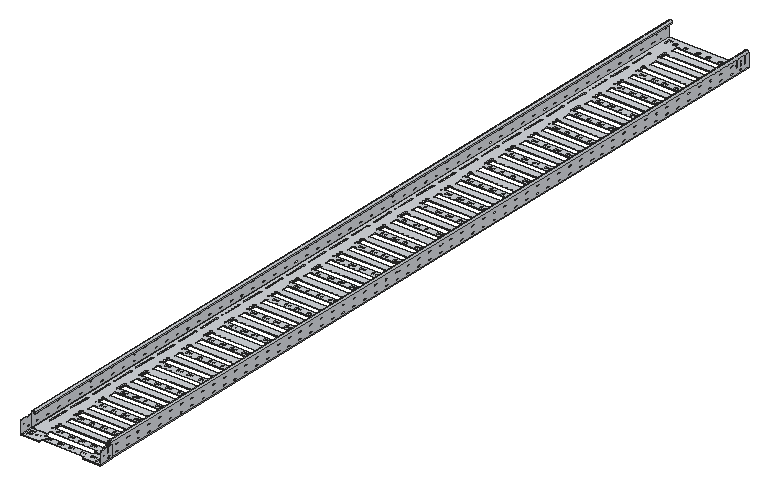
Revit family "MKSM Magic Kabelrinne 1 mm- MKSM 630 FT,FS", category Generic Models, Revit 2017 (continued)
Dimensions and locks
  locked: cut or joined group 1 (Extrusion 1, Extrusion 3, Extrusion 4, Extrusion 5, Extrusion 6, Extrusion 7, Extrusion 8, Extrusion 9, Extrusion 10, Extrusion 11, Extrusion 12, Extrusion 13, Extrusion 14, Extrusion 15, Extrusion 16, Extrusion 17, Extrusion 18, Extrusion 19, Extrusion 20, Extrusion 21, Extrusion 22, Extrusion 23, Extrusion 24, Extrusion 25, Extrusion 26, Extrusion 27, Extrusion 28, Extrusion 29, Extrusion 30, Extrusion 31, Extrusion 32, Extrusion 33, Extrusion 34, Extrusion 35, Extrusion 36, Extrusion 37, Extrusion 38, Extrusion 39, Extrusion 40, Extrusion 41, Extrusion 42, Extrusion 43, Extrusion 44, Extrusion 45, Extrusion 46, Extrusion 47, Extrusion 48, Extrusion 49, Extrusion 50, Extrusion 51, Extrusion 52, Extrusion 53, Extrusion 54, Extrusion 55, Extrusion 56, Extrusion 57, Extrusion 58, Extrusion 59, Extrusion 60, Extrusion 61, Extrusion 62, Extrusion 63, Extrusion 64, Extrusion 65, Extrusion 66, Extrusion 67, Extrusion 68, Extrusion 69, Extrusion 70, Extrusion 71, Extrusion 72, Extrusion 73, Extrusion 74, Extrusion 75, Extrusion 76, Extrusion 77, Extrusion 78, Extrusion 79, Extrusion 80, Extrusion 81, Extrusion 82, Extrusion 83, Extrusion 84, Extrusion 85, Extrusion 86, Extrusion 87, Extrusion 88, Extrusion 89, Extrusion 90, Extrusion 91, Extrusion 92, Extrusion 93, Extrusion 94, Extrusion 95, Extrusion 96, Extrusion 97, Extrusion 98, Extrusion 99, Extrusion 100, Extrusion 101, Extrusion 102, Extrusion 103, Extrusion 104, Extrusion 105, Extrusion 106, Extrusion 107, Extrusion 108, Extrusion 109, Extrusion 110, Extrusion 111, Extrusion 112, Extrusion 113, Extrusion 114, Extrusion 115, Extrusion 116, Extrusion 117, Extrusion 118, Extrusion 119, Extrusion 120, Extrusion 121, Extrusion 122, Extrusion 123, Extrusion 124, Extrusion 125, Extrusion 126, Extrusion 127, Extrusion 128, Extrusion 129, Extrusion 130, Extrusion 131, Extrusion 132, Extrusion 133, Extrusion 134, Extrusion 135, Extrusion 136, Extrusion 137, Extrusion 138, Extrusion 139, Extrusion 140, Extrusion 141, Extrusion 142, Extrusion 143, Extrusion 144, Extrusion 145, Extrusion 146, Extrusion 147, Extrusion 148, Extrusion 149, Extrusion 150, Extrusion 151, Extrusion 152, Extrusion 153, Extrusion 154, Extrusion 155, Extrusion 156, Extrusion 157, Extrusion 158, Extrusion 159, Extrusion 160, Extrusion 161, Extrusion 162, Extrusion 163, Extrusion 164, Extrusion 165, Extrusion 166, Extrusion 167, Extrusion 168, Extrusion 169, Extrusion 170, Extrusion 171, Extrusion 172, Extrusion 173, Extrusion 174, Extrusion 175, Extrusion 176, Extrusion 177, Extrusion 178, Extrusion 179, Extrusion 180, Extrusion 181, Extrusion 182, Extrusion 183, Extrusion 184, Extrusion 185, Extrusion 186, Extrusion 187, Extrusion 188, Extrusion 189, Extrusion 190, Extrusion 191, Extrusion 192, Extrusion 193, Extrusion 194, Extrusion 195, Extrusion 196, Extrusion 197, Extrusion 198, Extrusion 199, Extrusion 200, Extrusion 201, Extrusion 202, Extrusion 203, Extrusion 204, Extrusion 205, Extrusion 206, Extrusion 207, Extrusion 208, Extrusion 209, Extrusion 210, Extrusion 211, Extrusion 212, Extrusion 213, Extrusion 214, Extrusion 215, Extrusion 216, Extrusion 217, Extrusion 218, Extrusion 219, Extrusion 220, Extrusion 221, Extrusion 222, Extrusion 223, Extrusion 224, Extrusion 225, Extrusion 226, Extrusion 227, Extrusion 228, Extrusion 229, Extrusion 230, Extrusion 231, Extrusion 232, Extrusion 233, Extrusion 234, Extrusion 235, Extrusion 236, Extrusion 237, Extrusion 238, Extrusion 239, Extrusion 240, Extrusion 241, Extrusion 242, Extrusion 243, Extrusion 244, Extrusion 249, Extrusion 250, Extrusion 251, Extrusion 252, Extrusion 254, Extrusion 257, Extrusion 258, Extrusion 259, Extrusion 260, Extrusion 261, Extrusion 262, Extrusion 263, Extrusion 264, Extrusion 265, Extrusion 266, Extrusion 267, Extrusion 268, Extrusion 269, Extrusion 270, Extrusion 271, Extrusion 272, Extrusion 273, Extrusion 274, Extrusion 275, Extrusion 276, Extrusion 277, Extrusion 278, Extrusion 279, Extrusion 280, Extrusion 281, Extrusion 282, Extrusion 283, Extrusion 284, Extrusion 285, Extrusion 286, Extrusion 287, Extrusion 289, Extrusion 290, Extrusion 291, Extrusion 292, Extrusion 293, Extrusion 294, Extrusion 295, Extrusion 296, Extrusion 297, Extrusion 298, Extrusion 299, Extrusion 300, Extrusion 301, Extrusion 302, Extrusion 303, Extrusion 304, Extrusion 305, Extrusion 306, Extrusion 307, Extrusion 308, Extrusion 309, Extrusion 310, Extrusion 311, Extrusion 312, Extrusion 313, Extrusion 314, Extrusion 315, Extrusion 316, Extrusion 317, Extrusion 318, Extrusion 319, Extrusion 320, Extrusion 321, Extrusion 322, Extrusion 323, Extrusion 324, Extrusion 325, Extrusion 326, Extrusion 327, Extrusion 328, Extrusion 329, Extrusion 330, Extrusion 331, Extrusion 332, Extrusion 333, Extrusion 334, Extrusion 335, Extrusion 336, Extrusion 337, Extrusion 338, Extrusion 339, Extrusion 340, Extrusion 341, Extrusion 342, Extrusion 343, Extrusion 344, Extrusion 345, Extrusion 346, Extrusion 347, Extrusion 348, Extrusion 349, Extrusion 350, Extrusion 351, Extrusion 352, Extrusion 353, Extrusion 354, Extrusion 355, Extrusion 356, Extrusion 357, Extrusion 358, Extrusion 359, Extrusion 360, Extrusion 361, Extrusion 362, Extrusion 363, Extrusion 364, Extrusion 365, Extrusion 366, Extrusion 367, Extrusion 368, Extrusion 369, Extrusion 370, Extrusion 371, Extrusion 372, Extrusion 373, Extrusion 374, Extrusion 375, Extrusion 376, Extrusion 377, Extrusion 378, Extrusion 379, Extrusion 380, Extrusion 381, Extrusion 382, Extrusion 383, Extrusion 384, Extrusion 385, Extrusion 386, Extrusion 387, Extrusion 388, Extrusion 389, Extrusion 390, Extrusion 391, Extrusion 392, Extrusion 393, Extrusion 394, Extrusion 395, Extrusion 396, Extrusion 397, Extrusion 398, Extrusion 399, Extrusion 400, Extrusion 401) to cut or joined group 2 (Extrusion 1, Extrusion 3, Extrusion 4, Extrusion 5, Extrusion 6, Extrusion 7, Extrusion 8, Extrusion 9, Extrusion 10, Extrusion 11, Extrusion 12, Extrusion 13, Extrusion 14, Extrusion 15, Extrusion 16, Extrusion 17, Extrusion 18, Extrusion 19, Extrusion 20, Extrusion 21, Extrusion 22, Extrusion 23, Extrusion 24, Extrusion 25, Extrusion 26, Extrusion 27, Extrusion 28, Extrusion 29, Extrusion 30, Extrusion 31, Extrusion 32, Extrusion 33, Extrusion 34, Extrusion 35, Extrusion 36, Extrusion 37, Extrusion 38, Extrusion 39, Extrusion 40, Extrusion 41, Extrusion 42, Extrusion 43, Extrusion 44, Extrusion 45, Extrusion 46, Extrusion 47, Extrusion 48, Extrusion 49, Extrusion 50, Extrusion 51, Extrusion 52, Extrusion 53, Extrusion 54, Extrusion 55, Extrusion 56, Extrusion 57, Extrusion 58, Extrusion 59, Extrusion 60, Extrusion 61, Extrusion 62, Extrusion 63, Extrusion 64, Extrusion 65, Extrusion 66, Extrusion 67, Extrusion 68, Extrusion 69, Extrusion 70, Extrusion 71, Extrusion 72, Extrusion 73, Extrusion 74, Extrusion 75, Extrusion 76, Extrusion 77, Extrusion 78, Extrusion 79, Extrusion 80, Extrusion 81, Extrusion 82, Extrusion 83, Extrusion 84, Extrusion 85, Extrusion 86, Extrusion 87, Extrusion 88, Extrusion 89, Extrusion 90, Extrusion 91, Extrusion 92, Extrusion 93, Extrusion 94, Extrusion 95, Extrusion 96, Extrusion 97, Extrusion 98, Extrusion 99, Extrusion 100, Extrusion 101, Extrusion 102, Extrusion 103, Extrusion 104, Extrusion 105, Extrusion 106, Extrusion 107, Extrusion 108, Extrusion 109, Extrusion 110, Extrusion 111, Extrusion 112, Extrusion 113, Extrusion 114, Extrusion 115, Extrusion 116, Extrusion 117, Extrusion 118, Extrusion 119, Extrusion 120, Extrusion 121, Extrusion 122, Extrusion 123, Extrusion 124, Extrusion 125, Extrusion 126, Extrusion 127, Extrusion 128, Extrusion 129, Extrusion 130, Extrusion 131, Extrusion 132, Extrusion 133, Extrusion 134, Extrusion 135, Extrusion 136, Extrusion 137, Extrusion 138, Extrusion 139, Extrusion 140, Extrusion 141, Extrusion 142, Extrusion 143, Extrusion 144, Extrusion 145, Extrusion 146, Extrusion 147, Extrusion 148, Extrusion 149, Extrusion 150, Extrusion 151, Extrusion 152), Extrusion
     153, Extrusion 154, Extrusion 155, Extrusion 156, Extrusion 157, Extrusion 158, Extrusion 159, Extrusion 160, Extrusion 161, Extrusion 162, Extrusion 163, Extrusion 164, Extrusion 165, Extrusion 166, Extrusion 167, Extrusion 168, Extrusion 169, Extrusion 170, Extrusion 171, Extrusion 172, Extrusion 173, Extrusion 174, Extrusion 175, Extrusion 176, Extrusion 177, Extrusion 178, Extrusion 179, Extrusion 180, Extrusion 181, Extrusion 182, Extrusion 183, Extrusion 184, Extrusion 185, Extrusion 186, Extrusion 187, Extrusion 188, Extrusion 189, Extrusion 190, Extrusion 191, Extrusion 192, Extrusion 193, Extrusion 194, Extrusion 195, Extrusion 196, Extrusion 197, Extrusion 198, Extrusion 199, Extrusion 200, Extrusion 201, Extrusion 202, Extrusion 203, Extrusion 204, Extrusion 205, Extrusion 206, Extrusion 207, Extrusion 208, Extrusion 209, Extrusion 210, Extrusion 211, Extrusion 212, Extrusion 213, Extrusion 214, Extrusion 215, Extrusion 216, Extrusion 217, Extrusion 218, Extrusion 219, Extrusion 220, Extrusion 221, Extrusion 222, Extrusion 223, Extrusion 224, Extrusion 225, Extrusion 226, Extrusion 227, Extrusion 228, Extrusion 229, Extrusion 230, Extrusion 231, Extrusion 232, Extrusion 233, Extrusion 234, Extrusion 235, Extrusion 236, Extrusion 237, Extrusion 238, Extrusion 239, Extrusion 240, Extrusion 241, Extrusion 242, Extrusion 243, Extrusion 244, Extrusion 249, Extrusion 250, Extrusion 251, Extrusion 252, Extrusion 254, Extrusion 257, Extrusion 258, Extrusion 259, Extrusion 260, Extrusion 261, Extrusion 262, Extrusion 263, Extrusion 264, Extrusion 265, Extrusion 266, Extrusion 267, Extrusion 268, Extrusion 269, Extrusion 270, Extrusion 271, Extrusion 272, Extrusion 273, Extrusion 274, Extrusion 275, Extrusion 276, Extrusion 277, Extrusion 278, Extrusion 279, Extrusion 280, Extrusion 281, Extrusion 282, Extrusion 283, Extrusion 284, Extrusion 285, Extrusion 286, Extrusion 287, Extrusion 289, Extrusion 290, Extrusion 291, Extrusion 292, Extrusion 293, Extrusion 294, Extrusion 295, Extrusion 296, Extrusion 297, Extrusion 298, Extrusion 299, Extrusion 300, Extrusion 301, Extrusion 302, Extrusion 303, Extrusion 304, Extrusion 305, Extrusion 306, Extrusion 307, Extrusion 308, Extrusion 309, Extrusion 310, Extrusion 311, Extrusion 312, Extrusion 313, Extrusion 314, Extrusion 315, Extrusion 316, Extrusion 317, Extrusion 318, Extrusion 319, Extrusion 320, Extrusion 321, Extrusion 322, Extrusion 323, Extrusion 324, Extrusion 325, Extrusion 326, Extrusion 327, Extrusion 328, Extrusion 329, Extrusion 330, Extrusion 331, Extrusion 332, Extrusion 333, Extrusion 334, Extrusion 335, Extrusion 336, Extrusion 337, Extrusion 338, Extrusion 339, Extrusion 340, Extrusion 341, Extrusion 342, Extrusion 343, Extrusion 344, Extrusion 345, Extrusion 346, Extrusion 347, Extrusion 348, Extrusion 349, Extrusion 350, Extrusion 351, Extrusion 352, Extrusion 353, Extrusion 354, Extrusion 355, Extrusion 356, Extrusion 357, Extrusion 358, Extrusion 359, Extrusion 360, Extrusion 361, Extrusion 362, Extrusion 363, Extrusion 364, Extrusion 365, Extrusion 366, Extrusion 367, Extrusion 368, Extrusion 369, Extrusion 370, Extrusion 371, Extrusion 372, Extrusion 373, Extrusion 374, Extrusion 375, Extrusion 376, Extrusion 377, Extrusion 378, Extrusion 379, Extrusion 380, Extrusion 381, Extrusion 382, Extrusion 383, Extrusion 384, Extrusion 385, Extrusion 386, Extrusion 387, Extrusion 388, Extrusion 389, Extrusion 390, Extrusion 391, Extrusion 392, Extrusion 393, Extrusion 394, Extrusion 395, Extrusion 396, Extrusion 397, Extrusion 398, Extrusion 399, Extrusion 400, Extrusion 401 at 43.35  (x2)
  Extrusion 11 sketch curve to plane 21 = 15 mm
  Extrusion 11 sketch curve to plane 17 = 22.75 mm
  Extrusion 11 sketch curve to Extrusion 11 sketch curve = 24.5 mm
  plane 24 to Extrusion 11 sketch curve = 12.245 mm
  plane 21 to Extrusion 12 sketch curve = 15 mm
  Extrusion 12 sketch curve to Extrusion 12 sketch curve = 24.5 mm
  locked: cut or joined group 1 to cut or joined group 2, Extrusion
     153, Extrusion 154, Extrusion 155, Extrusion 156, Extrusion 157, Extrusion 158, Extrusion 159, Extrusion 160, Extrusion 161, Extrusion 162, Extrusion 163, Extrusion 164, Extrusion 165, Extrusion 166, Extrusion 167, Extrusion 168, Extrusion 169, Extrusion 170, Extrusion 171, Extrusion 172, Extrusion 173, Extrusion 174, Extrusion 175, Extrusion 176, Extrusion 177, Extrusion 178, Extrusion 179, Extrusion 180, Extrusion 181, Extrusion 182, Extrusion 183, Extrusion 184, Extrusion 185, Extrusion 186, Extrusion 187, Extrusion 188, Extrusion 189, Extrusion 190, Extrusion 191, Extrusion 192, Extrusion 193, Extrusion 194, Extrusion 195, Extrusion 196, Extrusion 197, Extrusion 198, Extrusion 199, Extrusion 200, Extrusion 201, Extrusion 202, Extrusion 203, Extrusion 204, Extrusion 205, Extrusion 206, Extrusion 207, Extrusion 208, Extrusion 209, Extrusion 210, Extrusion 211, Extrusion 212, Extrusion 213, Extrusion 214, Extrusion 215, Extrusion 216, Extrusion 217, Extrusion 218, Extrusion 219, Extrusion 220, Extrusion 221, Extrusion 222, Extrusion 223, Extrusion 224, Extrusion 225, Extrusion 226, Extrusion 227, Extrusion 228, Extrusion 229, Extrusion 230, Extrusion 231, Extrusion 232, Extrusion 233, Extrusion 234, Extrusion 235, Extrusion 236, Extrusion 237, Extrusion 238, Extrusion 239, Extrusion 240, Extrusion 241, Extrusion 242, Extrusion 243, Extrusion 244, Extrusion 249, Extrusion 250, Extrusion 251, Extrusion 252, Extrusion 254, Extrusion 257, Extrusion 258, Extrusion 259, Extrusion 260, Extrusion 261, Extrusion 262, Extrusion 263, Extrusion 264, Extrusion 265, Extrusion 266, Extrusion 267, Extrusion 268, Extrusion 269, Extrusion 270, Extrusion 271, Extrusion 272, Extrusion 273, Extrusion 274, Extrusion 275, Extrusion 276, Extrusion 277, Extrusion 278, Extrusion 279, Extrusion 280, Extrusion 281, Extrusion 282, Extrusion 283, Extrusion 284, Extrusion 285, Extrusion 286, Extrusion 287, Extrusion 289, Extrusion 290, Extrusion 291, Extrusion 292, Extrusion 293, Extrusion 294, Extrusion 295, Extrusion 296, Extrusion 297, Extrusion 298, Extrusion 299, Extrusion 300, Extrusion 301, Extrusion 302, Extrusion 303, Extrusion 304, Extrusion 305, Extrusion 306, Extrusion 307, Extrusion 308, Extrusion 309, Extrusion 310, Extrusion 311, Extrusion 312, Extrusion 313, Extrusion 314, Extrusion 315, Extrusion 316, Extrusion 317, Extrusion 318, Extrusion 319, Extrusion 320, Extrusion 321, Extrusion 322, Extrusion 323, Extrusion 324, Extrusion 325, Extrusion 326, Extrusion 327, Extrusion 328, Extrusion 329, Extrusion 330, Extrusion 331, Extrusion 332, Extrusion 333, Extrusion 334, Extrusion 335, Extrusion 336, Extrusion 337, Extrusion 338, Extrusion 339, Extrusion 340, Extrusion 341, Extrusion 342, Extrusion 343, Extrusion 344, Extrusion 345, Extrusion 346, Extrusion 347, Extrusion 348, Extrusion 349, Extrusion 350, Extrusion 351, Extrusion 352, Extrusion 353, Extrusion 354, Extrusion 355, Extrusion 356, Extrusion 357, Extrusion 358, Extrusion 359, Extrusion 360, Extrusion 361, Extrusion 362, Extrusion 363, Extrusion 364, Extrusion 365, Extrusion 366, Extrusion 367, Extrusion 368, Extrusion 369, Extrusion 370, Extrusion 371, Extrusion 372, Extrusion 373, Extrusion 374, Extrusion 375, Extrusion 376, Extrusion 377, Extrusion 378, Extrusion 379, Extrusion 380, Extrusion 381, Extrusion 382, Extrusion 383, Extrusion 384, Extrusion 385, Extrusion 386, Extrusion 387, Extrusion 388, Extrusion 389, Extrusion 390, Extrusion 391, Extrusion 392, Extrusion 393, Extrusion 394, Extrusion 395, Extrusion 396, Extrusion 397, Extrusion 398, Extrusion 399, Extrusion 400, Extrusion 401 at 61.35
  plane 23 to plane 26 = 25 mm
  plane 28 to level = 14 mm
  plane 29 to plane 28 = 25 mm
  cut or joined group 1 to plane 30 = 76.25 mm
  group 1 to group 2 = 0 mm  (x2)
  group 1 to group 2 = 50.781 mm
  group 3 to group 4 = 0 mm  (x2)
  group 3 to group 4 = 50.758 mm
  equal spacing: group 2, group 5, group 6, group 7, group 8, group 9, group 10, group 11, group 12, group 13, group 14, group 15, group 16, group 17, group 18, group 19, group 20, group 21, group 22, group 23, group 24, group 25, group 26, group 27, group 28, group 29, group 30, group 31, group 32, group 33, group 34, group 35, group 36, group 37, group 38, group 39, group 40, group 41, group 42, group 43, group 44, group 45, group 46, group 47, group 48, group 49, group 50, group 51, group 52, group 53, group 54, group 55, group 56, group 57, group 58, group 59, group 60  (x3)
  equal spacing: group 4, group 61, group 62, group 63, group 64, group 65, group 66, group 67, group 68, group 69, group 70, group 71, group 72, group 73, group 74, group 75, group 76, group 77, group 78, group 79, group 80, group 81, group 82, group 83, group 84, group 85, group 86, group 87, group 88, group 89, group 90, group 91, group 92, group 93, group 94, group 95, group 96, group 97, group 98, group 99, group 100, group 101, group 102, group 103, group 104, group 105, group 106, group 107, group 108, group 109, group 110, group 111, group 112, group 113, group 114, group 115, group 116  (x3)
  equal spacing: group 117, group 118, group 119, group 120, group 121, group 122, group 123, group 124, group 125, group 126, group 127, group 128, group 129, group 130, group 131, group 132, group 133, group 134, group 135, group 136, group 137, group 138, group 139, group 140, group 141, group 142, group 143, group 144, group 145, group 146, group 147, group 148, group 149, group 150, group 151, group 152, group 153, group 154, group 155, group 156, group 157, group 158, group 159, group 160, group 161, group 162, group 163, group 164, group 165, group 166, group 167, group 168, group 169, group 170, group 171, group 172, group 173  (x3)
  group 174 to group 175 = 0 mm  (x2)
  group 174 to group 175 = 50.824 mm
  equal spacing: group 175, group 176, group 177, group 178, group 179, group 180, group 181, group 182, group 183, group 184, group 185, group 186, group 187, group 188, group 189, group 190, group 191, group 192, group 193, group 194, group 195, group 196, group 197, group 198, group 199, group 200, group 201, group 202, group 203, group 204, group 205, group 206, group 207, group 208, group 209, group 210, group 211, group 212, group 213, group 214, group 215, group 216, group 217, group 218, group 219, group 220, group 221, group 222, group 223, group 224, group 225, group 226, group 227, group 228, group 229, group 230, group 231  (x3)
  plane 35 to Extrusion 245 sketch curve = 3.5 mm  (x4)
  Extrusion 245 sketch curve to plane 33 = 8 mm
  plane 33 to Extrusion 245 sketch curve = 8 mm
  Extrusion 245 sketch curve to plane 34 = 8 mm
  plane 34 to Extrusion 245 sketch curve = 8 mm
  locked: plane 36 to plane 3 "Center (Left/Right)" at 65
  locked: plane 3 "Center (Left/Right)" to plane 37 at 65
  plane 35 to Extrusion 246 sketch curve = 3.8 mm  (x4)
  Extrusion 246 sketch curve to plane 36 = 8 mm
  plane 36 to Extrusion 246 sketch curve = 8 mm
  Extrusion 246 sketch curve to plane 37 = 8 mm
  plane 37 to Extrusion 246 sketch curve = 8 mm
  locked: plane 38 to plane 3 "Center (Left/Right)" at 131
  locked: plane 40 to plane 35 at 8
  locked: plane 35 to plane 41 at 8
  locked: plane 38 to plane 44 at 27
  locked: plane 45 to plane 39 at 27
  plane 35 to Extrusion 248 sketch curve = 3.5 mm  (x4)
  Extrusion 248 sketch curve to plane 45 = 8 mm
  plane 45 to Extrusion 248 sketch curve = 8 mm
  Extrusion 248 sketch curve to plane 44 = 8 mm
  plane 44 to Extrusion 248 sketch curve = 8 mm
  locked: cut or joined group 1 to plane 46 at 25.1
  locked: plane 49 to plane 48 at 20
  locked: plane 48 to plane 50 at 20
  Extrusion 250 sketch curve to plane 47 = 5.018 mm  (x2)
  plane 47 to Extrusion 250 sketch curve = 4.979 mm
  plane 57 to Extrusion 250 sketch curve = 14 mm
  plane 57 to plane 58 = 12 mm
  plane 47 to plane 59 = 5 mm
  locked: plane 60 to plane 48 at 131
  locked: plane 48 to plane 61 at 131
  Extrusion 251 sketch curve to plane 46 = 4.985 mm
  plane 46 to Extrusion 251 sketch curve = 4.802 mm
  plane 64 to plane 62 = 7 mm
  plane 65 to Extrusion 251 sketch curve = 10.984 mm
  plane 65 to plane 66 = 12 mm
  plane 46 to plane 67 = 5 mm
  Extrusion 251 sketch curve to plane 46 = 4.802 mm  (x2)
  plane 63 to plane 69 = 7 mm
  plane 70 to plane 69 = 14 mm
  plane 70 to plane 71 = 12 mm
  Extrusion 252 sketch curve to plane 47 = 5.014 mm
  plane 72 to plane 47 = 5 mm
  plane 47 to plane 73 = 5 mm
  cut or joined group 3 (Extrusion 2, Extrusion 7, Extrusion 245, Extrusion 246, Extrusion 247, Extrusion 248, Extrusion 287, Extrusion 288, Extrusion 402, Extrusion 403, Extrusion 404, Extrusion 405, Extrusion 406, Extrusion 407, Extrusion 408, Extrusion 409) to plane 77 = 3.5 mm
  locked: plane 78 to plane 48 at 65
  cut or joined group 3 to plane 79 = 3.5 mm
  locked: plane 80 to plane 48 at 65
  plane 80 to plane 82 = 6 mm
  plane 83 to plane 80 = 6 mm
  plane 48 to plane 84 = 65 mm
  locked: cut or joined group 3 to plane 85 at 3.5
  plane 84 to plane 86 = 6 mm
  plane 87 to plane 84 = 6 mm
  locked: Extrusion 253 to Extrusion 253 at 6.5
  plane 91 to plane 48 = 131 mm
  plane 48 to plane 94 = 131 mm
  plane 94 to plane 95 = 6 mm
  plane 96 to plane 94 = 6 mm
  Extrusion 255 to plane 98 = 6.5 mm
  plane 100 to plane 99 = 16 mm
  Extrusion 256 to Extrusion 256 = 6.5 mm  (x2)
  cut or joined group 3 to plane 103 = 127.08 mm
  plane 106 to plane 3 "Center (Left/Right)" = 131 mm
  plane 3 "Center (Left/Right)" to plane 107 = 131 mm
  cut or joined group 3 to plane 108 = 152.5 mm
  group 232 to group 233 = 0 mm  (x2)
  group 232 to group 233 = 101.733 mm
  equal spacing: group 233, group 234, group 235, group 236, group 237, group 238, group 239, group 240, group 241, group 242, group 243, group 244, group 245, group 246, group 247, group 248, group 249, group 250, group 251, group 252, group 253, group 254, group 255, group 256, group 257, group 258, group 259  (x3)
  cut or joined group 3 to plane 196 = 50.83 mm
  Extrusion 287 sketch curve to plane 3 "Center (Left/Right)" = 89.904 mm
  plane 3 "Center (Left/Right)" to Extrusion 287 sketch curve = 90.096 mm
  plane 196 to Extrusion 287 sketch curve = 12.71 mm
  locked: plane 196 to Extrusion 287 sketch curve at 12.71
  cut or joined group 3 to Extrusion 288 sketch curve = 12.71 mm
  group 260 to group 261 = 0 mm  (x2)
  group 260 to group 261 = 101.68 mm
  equal spacing: group 261, group 262, group 263, group 264, group 265, group 266, group 267, group 268, group 269, group 270, group 271, group 272, group 273, group 274, group 275, group 276, group 277, group 278, group 279, group 280, group 281, group 282, group 283, group 284, group 285, group 286, group 287  (x3)
  locked: cut or joined group 3 to plane 108 at 152.5
  plane 1 "Center (Front/Back)" to plane 279 = 50.83 mm
  plane 3 "Center (Left/Right)" to plane 280 = 96 mm
  plane 280 to Extrusion 317 sketch curve = 3.5 mm
  Extrusion 317 sketch curve to plane 280 = 3.483 mm
  Extrusion 317 sketch curve to plane 279 = 18.5 mm  (x2)
  plane 279 to Extrusion 317 sketch curve = 18.5 mm  (x2)
  plane 281 to plane 3 "Center (Left/Right)" = 96 mm
  Extrusion 317 sketch curve to plane 281 = 3.5 mm
  plane 281 to Extrusion 317 sketch curve = 3.5 mm
  Extrusion 317 sketch curve to plane 279 = 12.71 mm
  plane 279 to Extrusion 317 sketch curve = 12.71 mm
  group 288 to group 289 = 0 mm  (x2)
  group 288 to group 289 = 101.673 mm
  plane 283 to Extrusion 319 sketch curve = 3.5 mm
  Extrusion 319 sketch curve to plane 283 = 3.483 mm
  Extrusion 319 sketch curve to plane 282 = 18.5 mm  (x2)
  plane 282 to Extrusion 319 sketch curve = 18.5 mm  (x2)
  Extrusion 319 sketch curve to plane 284 = 3.5 mm
  plane 284 to Extrusion 319 sketch curve = 3.5 mm
  Extrusion 319 sketch curve to plane 282 = 12.71 mm
  plane 282 to Extrusion 319 sketch curve = 12.71 mm
  cut or joined group 3 to plane 286 = 76.25 mm
  plane 3 "Center (Left/Right)" to plane 288 = 65 mm
  plane 287 to plane 3 "Center (Left/Right)" = 65 mm
  locked: Extrusion 320 sketch curve to plane 287 at 9
  locked: plane 287 to Extrusion 320 sketch curve at 9
  locked: Extrusion 320 sketch curve to plane 288 at 9
  locked: plane 288 to Extrusion 320 sketch curve at 9
  locked: Extrusion 321 sketch curve to plane 289 at 9
  locked: plane 289 to Extrusion 321 sketch curve at 9
  locked: Extrusion 321 sketch curve to plane 290 at 9
  locked: plane 290 to Extrusion 321 sketch curve at 9
  group 292 to group 293 = 0 mm  (x2)
  group 292 to group 293 = 101.744 mm
  locked: Extrusion 322 sketch curve to plane 291 at 9
  locked: plane 291 to Extrusion 322 sketch curve at 9
  locked: Extrusion 322 sketch curve to plane 292 at 9
  locked: plane 292 to Extrusion 322 sketch curve at 9
  equal spacing: group 293, group 294, group 295, group 296, group 297, group 298, group 299, group 300, group 301, group 302, group 303, group 304, group 305, group 306, group 307, group 308, group 309, group 310, group 311, group 312, group 313, group 314, group 315, group 316, group 317, group 318, group 319  (x3)
  locked: Extrusion 323 sketch curve to plane 293 at 9
  locked: plane 293 to Extrusion 323 sketch curve at 9
  locked: Extrusion 323 sketch curve to plane 294 at 9
  locked: plane 294 to Extrusion 323 sketch curve at 9
  locked: Extrusion 324 sketch curve to plane 295 at 9
  locked: plane 295 to Extrusion 324 sketch curve at 9
  locked: Extrusion 324 sketch curve to plane 296 at 9
  locked: plane 296 to Extrusion 324 sketch curve at 9
  locked: Extrusion 325 sketch curve to plane 297 at 9
  locked: plane 297 to Extrusion 325 sketch curve at 9
  locked: Extrusion 325 sketch curve to plane 298 at 9
  locked: plane 298 to Extrusion 325 sketch curve at 9
  locked: Extrusion 326 sketch curve to plane 299 at 9
  locked: plane 299 to Extrusion 326 sketch curve at 9
  locked: Extrusion 326 sketch curve to plane 300 at 9
  locked: plane 300 to Extrusion 326 sketch curve at 9
  locked: Extrusion 327 sketch curve to plane 301 at 9
  locked: plane 301 to Extrusion 327 sketch curve at 9
  locked: Extrusion 327 sketch curve to plane 302 at 9
  locked: plane 302 to Extrusion 327 sketch curve at 9
  locked: Extrusion 328 sketch curve to plane 303 at 9
  locked: plane 303 to Extrusion 328 sketch curve at 9
  locked: Extrusion 328 sketch curve to plane 304 at 9
  locked: plane 304 to Extrusion 328 sketch curve at 9
  locked: Extrusion 329 sketch curve to plane 305 at 9
  locked: plane 305 to Extrusion 329 sketch curve at 9
  locked: Extrusion 329 sketch curve to plane 306 at 9
  locked: plane 306 to Extrusion 329 sketch curve at 9
  locked: Extrusion 330 sketch curve to plane 307 at 9
  locked: plane 307 to Extrusion 330 sketch curve at 9
  locked: Extrusion 330 sketch curve to plane 308 at 9
  locked: plane 308 to Extrusion 330 sketch curve at 9
  locked: Extrusion 331 sketch curve to plane 309 at 9
  locked: plane 309 to Extrusion 331 sketch curve at 9
  locked: Extrusion 331 sketch curve to plane 310 at 9
  locked: plane 310 to Extrusion 331 sketch curve at 9
  locked: Extrusion 332 sketch curve to plane 311 at 9
  locked: plane 311 to Extrusion 332 sketch curve at 9
  locked: Extrusion 332 sketch curve to plane 312 at 9
  locked: plane 312 to Extrusion 332 sketch curve at 9
  locked: Extrusion 333 sketch curve to plane 313 at 9
  locked: plane 313 to Extrusion 333 sketch curve at 9
  locked: Extrusion 333 sketch curve to plane 314 at 9
  locked: plane 314 to Extrusion 333 sketch curve at 9
  locked: Extrusion 334 sketch curve to plane 315 at 9
  locked: plane 315 to Extrusion 334 sketch curve at 9
  locked: Extrusion 334 sketch curve to plane 316 at 9
  locked: plane 316 to Extrusion 334 sketch curve at 9
  locked: Extrusion 335 sketch curve to plane 317 at 9
  locked: plane 317 to Extrusion 335 sketch curve at 9
  locked: Extrusion 335 sketch curve to plane 318 at 9
  locked: plane 318 to Extrusion 335 sketch curve at 9
  locked: Extrusion 336 sketch curve to plane 319 at 9
  locked: plane 319 to Extrusion 336 sketch curve at 9
  locked: Extrusion 336 sketch curve to plane 320 at 9
  locked: plane 320 to Extrusion 336 sketch curve at 9
  locked: Extrusion 337 sketch curve to plane 321 at 9
  locked: plane 321 to Extrusion 337 sketch curve at 9
  locked: Extrusion 337 sketch curve to plane 322 at 9
  locked: plane 322 to Extrusion 337 sketch curve at 9
  locked: Extrusion 338 sketch curve to plane 323 at 9
  locked: plane 323 to Extrusion 338 sketch curve at 9
  locked: Extrusion 338 sketch curve to plane 324 at 9
  locked: plane 324 to Extrusion 338 sketch curve at 9
  locked: Extrusion 339 sketch curve to plane 325 at 9
  locked: plane 325 to Extrusion 339 sketch curve at 9
  locked: Extrusion 339 sketch curve to plane 326 at 9
  locked: plane 326 to Extrusion 339 sketch curve at 9
  locked: Extrusion 340 sketch curve to plane 327 at 9
  locked: plane 327 to Extrusion 340 sketch curve at 9
  locked: Extrusion 340 sketch curve to plane 328 at 9
  locked: plane 328 to Extrusion 340 sketch curve at 9
  locked: Extrusion 341 sketch curve to plane 329 at 9
  locked: plane 329 to Extrusion 341 sketch curve at 9
  locked: Extrusion 341 sketch curve to plane 330 at 9
  locked: plane 330 to Extrusion 341 sketch curve at 9
  locked: Extrusion 342 sketch curve to plane 331 at 9
  locked: plane 331 to Extrusion 342 sketch curve at 9
  locked: Extrusion 342 sketch curve to plane 332 at 9
  locked: plane 332 to Extrusion 342 sketch curve at 9
  locked: Extrusion 343 sketch curve to plane 333 at 9
  locked: plane 333 to Extrusion 343 sketch curve at 9
  locked: Extrusion 343 sketch curve to plane 334 at 9
  locked: plane 334 to Extrusion 343 sketch curve at 9
  locked: Extrusion 344 sketch curve to plane 335 at 9
  locked: plane 335 to Extrusion 344 sketch curve at 9
  locked: Extrusion 344 sketch curve to plane 336 at 9
  locked: plane 336 to Extrusion 344 sketch curve at 9
  locked: Extrusion 345 sketch curve to plane 337 at 9
  locked: plane 337 to Extrusion 345 sketch curve at 9
  locked: Extrusion 345 sketch curve to plane 338 at 9
  locked: plane 338 to Extrusion 345 sketch curve at 9
  locked: Extrusion 346 sketch curve to plane 339 at 9
  locked: plane 339 to Extrusion 346 sketch curve at 9
  locked: Extrusion 346 sketch curve to plane 340 at 9
  locked: plane 340 to Extrusion 346 sketch curve at 9
  locked: Extrusion 347 sketch curve to plane 341 at 9
  locked: plane 341 to Extrusion 347 sketch curve at 9
  locked: Extrusion 347 sketch curve to plane 342 at 9
  locked: plane 342 to Extrusion 347 sketch curve at 9
  plane 285 to plane 345 = 101.67 mm
  cut or joined group 1 to plane 348 = 12.75 mm
  plane 350 to Extrusion 348 sketch curve = 3.5 mm
  Extrusion 348 sketch curve to plane 350 = 3.483 mm
  Extrusion 348 sketch curve to plane 349 = 18.5 mm  (x2)
  plane 349 to Extrusion 348 sketch curve = 18.5 mm  (x2)
  Extrusion 348 sketch curve to plane 351 = 3.5 mm
  plane 351 to Extrusion 348 sketch curve = 3.5 mm
  Extrusion 348 sketch curve to plane 349 = 12.71 mm
  plane 349 to Extrusion 348 sketch curve = 12.71 mm
  equal spacing: group 291, group 320, group 321, group 322, group 323, group 324, group 325, group 326, group 327, group 328, group 329, group 330, group 331, group 332, group 333, group 334, group 335, group 336, group 337, group 338, group 339, group 340, group 341, group 342, group 343, group 344, group 345, group 346  (x3)
  plane 353 to Extrusion 349 sketch curve = 3.5 mm
  Extrusion 349 sketch curve to plane 353 = 3.483 mm
  Extrusion 349 sketch curve to plane 352 = 18.5 mm  (x2)
  plane 352 to Extrusion 349 sketch curve = 18.5 mm  (x2)
  Extrusion 349 sketch curve to plane 354 = 3.5 mm
  plane 354 to Extrusion 349 sketch curve = 3.5 mm
